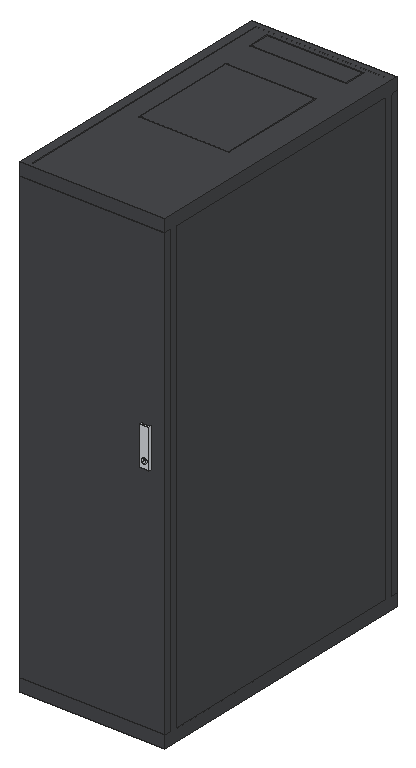
Revit family "Cabinet Linkeo DC width 600", category Equipement spécialisé, Revit 2020
Family settings
  Cote de connecteur circulaire = Utiliser le diamètre
  Type d'élément = Normal
  Basée sur le plan de construction = Non
  Toujours verticalement = Oui
  Couper avec des vides une fois chargée = Non
  Partagée = Oui
  Point de calcul de pièce = Non
Parameters (values of type "Cabinet Linkeo2 42U 600x1200")
  Depth of the model (mm) = 1200.00 mm
  Application class = "EC002499"
  Model height = 1965.00 mm
  RAL Number = "9005"
  Storage temperature = "-25°C à 70°C"
  E-catalogue link = "https://www.legrand.fr/reference/446801/pro"
  Avec porte frontale = yes
  Type of ventilation = "Passive"
  Number of height units = 42
  Number of doors = "1"
  Model = "With permanent frame"
  Usable height (mm) = 1881.00 mm
  Height = 2047.00 mm
  Type of profile rail = "Crank"
  Function = "Server cabinets Linkeo DC"
  Elévation par défaut = 0.00 mm
  Front door material = IDS_ACIER
  With earthing = yes
  Degree of protection IK = "IK02"
  Model width = 600.00 mm
  Depth = 1200.00 mm
  Operating temperature = "-25°C à 70°C"
  Degree of protection IP = "IP20"
  Legrand part number = "446801"
  Mounting level = "Front and rear"
  Max load capacity = "1500"
  Width (mm) = 600.00 mm
  BIM wording = "Cabinet Linkeo2 42U 600x1200 equipped"
  Locking of the front door = "Three points"
  Material = "Steel"
  Rack location = 93.00 mm
  Modular spacing = "19 inches"
  Usable width (mm) = 1090.00 mm
  Type of surface = "Powder coating"
  Color = IDS_NOIR
  With roof plate = yes
  Distance of the aperture 1 = 275.00 mm
Types (4, lengths in mm): name | Depth of the model (mm) | Model height | E-catalogue link | Number of height units | Height | Depth | Legrand part number | BIM wording | Usable width (mm)
  Cabinet Linkeo2 42U 600x1000 | 1000.00 | 1965.00 | "https://www.legrand.fr/reference/446800/pro" | 42 | 2047.00 | 1000.00 | "446800" | "Cabinet Linkeo2 42U 600x1000 equipped" | 890.00
  Cabinet Linkeo2 42U 600x1200 | 1200.00 | 1965.00 | "https://www.legrand.fr/reference/446801/pro" | 42 | 2047.00 | 1200.00 | "446801" | "Cabinet Linkeo2 42U 600x1200 equipped" | 1090.00
  Cabinet Linkeo2 47U 600x1000 | 1000.00 | 2190.00 | "https://www.legrand.fr/reference/446804/pro" | 47 | 2269.00 | 1000.00 | "446804" | "Cabinet Linkeo2 47U 600x1000 equipped" | 890.00
  Cabinet Linkeo2 47U 600x1200 | 1200.00 | 2190.00 | "https://www.legrand.fr/reference/446805/pro" | 47 | 2269.00 | 1200.00 | "446805" | "Cabinet Linkeo2 47U 600x1200 equipped" | 1090.00
Reference planes
  plane 1 "Centre (avant/arrière)": y = 106
  plane 2: z = 0
  plane 3: x = 0
  plane 4: x = 600
  plane 5: z = 1965
  plane 6: y = -1094
  plane 7: x = 55
  plane 8: x = 545
  plane 9: x = 300
  plane 10: z = 1915
  plane 11: z = 50
  plane 12: z = 982.5
  plane 13: y = -1092
  plane 14: x = 300
  plane 15: y = -444.5
  plane 16: y = 455.094
  plane 17: x = 1428.928
  plane 18: z = -485.313
  plane 19: x = 2466.566
  plane 20: z = 982.5
  plane 21: x = 300
  plane 22: x = 500
  plane 23: x = 100
  plane 24: x = 300
  plane 25: y = -1001
  plane 26: x = 525
  plane 27: y = -999.5
  plane 28: x = 556.5
  plane 29: x = 558
  plane 30: y = -960.5
  plane 31: y = -959
  plane 32: x = 534.5
  plane 33: x = 536
  plane 34: z = 80
  plane 35: z = 89.5
  plane 36: x = 528.5
  plane 37: x = 538
  plane 38: z = 111.75
  plane 39: z = 121.25
  plane 40: y = -742.5
  plane 41: y = -752
  plane 42: z = 105.38
  plane 43: z = 95.88
  plane 44: x = 77
  plane 45: x = 67.5
  plane 46: x = 66
  plane 47: z = 55
  plane 48: z = 1930
  plane 49: z = 982.5
  plane 50: y = -1094
  plane 51: y = 66
  plane 52: z = 35
  plane 53: y = -601
  plane 54 "Panneaux gauche": y = -997.5
  plane 55 "Panneaux droit": y = 62.5
  plane 56 "Panneaux haut": z = 1928
  plane 57: z = 1880
  plane 58: z = 1880
  plane 59: y = -467.5
  plane 60: x = 175
  plane 61: x = 425
  plane 62: y = 61
  plane 63: y = -29
  plane 64: x = 100
  plane 65: x = 500
  plane 66: y = -344.658
  plane 67: y = 102.842
  plane 68: y = -342.158
  plane 69: x = 102.5
  plane 70: y = 91.5
  plane 71: y = 7.5
  plane 72: x = 499.5
  plane 73: y = -619
  plane 74: y = -171.5
  plane 75: y = -616.5
  plane 76: x = 51
  plane 77: x = 141
  plane 78: y = -92
  plane 79: y = -496
  plane 80: y = -94.5
  plane 81: x = 53.5
  plane 82: x = 459
  plane 83: x = 549
  plane 84: x = 115
  plane 85: x = 485
  plane 86: x = 115
  plane 87: x = 485
  plane 88: y = -1001
  plane 89: z = 124.45
  plane 90: x = 42
  plane 91: y = -493.5
  plane 92: x = 102.5
  plane 93: x = 102.5
  plane 94: x = 561.5
  plane 95: z = 1897
  plane 96: y = -494
  plane 97: y = 84.5
  plane 98: y = -1072.5
  plane 99: x = 41
  plane 100: x = 559
  plane 101: x = 300
  plane 102: z = 1897
  plane 103: y = -694
  plane 104: z = 72
  plane 105: z = 1893
  plane 106: y = 82.5
  plane 107: y = -1070.5
  plane 108: x = 138.5
  plane 109: x = 546.5
  plane 110: x = 578.5
  plane 111: x = 21.5
  plane 112: z = 1923
  plane 113: z = 42
  plane 114: z = 982.5
  plane 115: y = -494
  plane 116: y = 51
  plane 117: y = -1039
  plane 118: y = -294
  plane 119: y = -494
  plane 120: y = -26.5
  plane 121: y = 58.5
  plane 122: x = 497.5
  plane 123: y = 13.5
  plane 124: y = 98.5
  plane 125: x = 497.5
  plane 126: x = 150
  plane 127: x = 450
  plane 128: x = 177.5
  plane 129: x = 422.5
  plane 130: y = -169
  plane 131: y = 105.342
  plane 132: x = 112.5
  plane 133: x = 487.5
  plane 134: x = 112.5
  plane 135: x = 487.5
  plane 136: x = 505
  plane 137: x = 541
  plane 138: z = 1175
  plane 139: z = 1015
  plane 140: x = 523
  plane 141: y = -870
  plane 142: y = -1070
  plane 143: y = 82
  plane 144: y = -1104
  plane 145: x = 95
  plane 146: x = 59
  plane 147: z = 1175
  plane 148: z = 1015
  plane 149: x = 77
  plane 150: z = 1854.5
  plane 151: z = 1854.5
  plane 152: z = 0
  plane 153: z = 27
Forms (mm)
  Extrusion 1, solid, material "IDS_NOIR" <- "Color"
    sketch origin (0, 0, 0) x (0, 1, 0) y (0, 0, 1)
      loop
        line (-1094, 0) -> (106, 0) -> (106, 1965) -> (-1094, 1965) -> (-1094, 0)
    from 0 to 600
  Extrusion 2, void
    sketch origin (-250, 82.5, 1200) x (1, 0, 0) y (0, 0, 1)
      loop
        line (285, 763) -> (285, -1198) -> (815, -1198) -> (815, 763) -> (285, 763)
    from 0 to 1153
  Extrusion 3, void
    sketch origin (0, 106, 0) x (1, 0, 0) y (0, 0, 1)
      loop
        line (55, 1915) -> (55, 50) -> (545, 50) -> (545, 1915) -> (55, 1915)
    from 0 to 1200
  Extrusion 4, solid
    sketch origin (597, -1094, 132.5) x (0, 0, 1) y (-1, 0, 0)
      loop
        line (1042.5, 92) -> (882.5, 92) -> (882.5, 56) -> (1042.5, 56) -> (1042.5, 92)
    from 0 to 10
  Extrusion 5, void
    sketch origin (597, -1106.5, 132.5) x (0, 0, -1) y (-1, 0, 0)
      loop
        line (-906.261, 78.459) -> (-908.194, 80.391) -> (-918.8, 69.785) -> (-916.867, 67.852) -> (-906.261, 78.459)
    from 0 to 2
  Extrusion 6, void
    sketch origin (0, -23, 0) x (1, 0, 0) y (0, 1, 0)
      loop
        line (112.5, -596) -> (487.5, -596) -> (487.5, -146) -> (112.5, -146) -> (112.5, -596)
    from 1965 to 1927.5
  Extrusion 7, void
    sketch origin (0, 106, 1965) x (1, 0, 0) y (0, -1, 0)
      loop
        line (100, 135) -> (100, 45) -> (500, 45) -> (500, 135) -> (100, 135)
    from 2 to 0
  Extrusion 8, solid, material "IDS_NOIR" <- "Color"
    sketch origin (0, 106, 1965) x (0, -1, 0) y (1, 0, 0)
      loop
        line (47.5, 102.5) -> (132.5, 102.5) -> (132.5, 497.5) -> (47.5, 497.5) -> (47.5, 102.5)
    from 0 to -2
  Extrusion 9, solid, material "IDS_NOIR" <- "Color", not visible
    sketch origin (0, 146, 850) x (0, -1, 0) y (1, 0, 0)
      loop
        line (47.5, 102.5) -> (132.5, 102.5) -> (132.5, 497.5) -> (47.5, 497.5) -> (47.5, 102.5)
    from 0 to -2
  Extrusion 10, solid, material "IDS_NOIR" <- "Color"
    sketch origin (0, 106, 1965) x (0, -1, 0) y (1, 0, 0)
      loop
        line (277.5, 115) -> (722.5, 115) -> (722.5, 485) -> (277.5, 485) -> (277.5, 115)
    from -2 to 0
  Extrusion 11, void
    sketch origin (0, 106, 0) x (1, 0, 0) y (0, 0, 1)
      loop
        line (549, 1893) -> (51, 1893) -> (51, 72) -> (549, 72) -> (549, 1893)
    from 2 to 0
  Extrusion 12, void
    sketch origin (0, 0, 0) x (0, 1, 0) y (0, 0, 1)
      loop
        line (51, 1915) -> (-1039, 1915) -> (-1039, 50) -> (51, 50) -> (51, 1915)
    from 0 to 21.5
  Extrusion 13, solid, material "IDS_NOIR" <- "Color"
    sketch origin (0, 0, 0) x (0, 1, 0) y (0, 0, 1)
      loop
        line (51, 1915) -> (-1039, 1915) -> (-1039, 50) -> (51, 50) -> (51, 1915)
    from 0 to 21.5
  Extrusion 14, solid, material "IDS_NOIR" <- "Color"
    sketch origin (600, 0, 0) x (0, 1, 0) y (0, 0, 1)
      loop
        line (-1039, 1915) -> (-1039, 50) -> (51, 50) -> (51, 1915) -> (-1039, 1915)
    from 0 to -21.5
  Extrusion 15, void
    sketch origin (600, 0, 0) x (0, -1, 0) y (0, 0, 1)
      loop
        line (1039, 1915) -> (-51, 1915) -> (-51, 50) -> (1039, 50) -> (1039, 1915)
    from 0 to 21.5
  Extrusion 16, void
    sketch origin (0, 0, 0) x (0, 1, 0) y (0, 0, 1)
      loop
        line (51, 1915) -> (-1039, 1915) -> (-1039, 50) -> (51, 50) -> (51, 1915)
    from 0 to 600
  Extrusion 17, void
    sketch origin (0, -1094, 0) x (1, 0, 0) y (0, -1, 0)
      loop
        line (175, -1155) -> (425, -1155) -> (425, -1065) -> (175, -1065) -> (175, -1155)
    from -2 to 0
  Extrusion 18, solid, material "IDS_NOIR" <- "Color"
    sketch origin (0, 106, 1965) x (0, -1, 0) y (1, 0, 0)
      loop
        line (132.5, 177.5) -> (132.5, 422.5) -> (47.5, 422.5) -> (47.5, 177.5) -> (132.5, 177.5)
    from -1965 to -1963
  Extrusion 19, solid
    sketch origin (597, -1104, 132.5) x (0, 0, 1) y (-1, 0, 0)
      loop
        circle (912.5, 74) r 10
    from 0 to 2.5
  Extrusion 20, void
    sketch origin (600, 0, 0) x (0, -1, 0) y (0, 0, 1)
      loop
        line (1094, 1915) -> (1070, 1915) -> (1070, 50) -> (1094, 50) -> (1094, 1915)
      loop
        line (-82, 1915) -> (-106, 1915) -> (-106, 50) -> (-82, 50) -> (-82, 1915)
    from 0 to 600
  Extrusion 21, solid, material "IDS_NOIR" <- "Color"
    sketch origin (600, 0, 0) x (0, 1, 0) y (0, 0, 1)
      loop
        line (-1094, 1915) -> (-1094, 50) -> (-1070, 50) -> (-1070, 1915) -> (-1094, 1915)
      loop
        line (82.5, 1915) -> (82.5, 50) -> (106, 50) -> (106, 1915) -> (82.5, 1915)
    from -600 to 0
  Extrusion 22, solid
    sketch origin (600, 106, 1915) x (0, 0, -1) y (-1, 0, 0)
      loop
        line (740, 505) -> (900, 505) -> (900, 541) -> (740, 541) -> (740, 505)
    from 0 to 10
  Extrusion 23, solid
    sketch origin (600, 116, 1915) x (0, 0, -1) y (-1, 0, 0)
      loop
        circle (870, 523) r 10
    from 0 to 2.5
  Extrusion 24, void
    sketch origin (-445.581, 118.5, 2139.497) x (0, 0, 1) y (-1, 0, 0)
      loop
        line (-1099.92, -526.801) -> (-1097.728, -528.994) -> (-1087.121, -518.387) -> (-1089.314, -516.194) -> (-1099.92, -526.801)
    from 0 to 2
Cuts and joins
  Extrusion 2, Extrusion 3, Extrusion 6, Extrusion 7, Extrusion 11, Extrusion 12, Extrusion 15, Extrusion 16, Extrusion 17, Extrusion 20 cuts Extrusion 1
  Extrusion 5 cuts Extrusion 4
  Extrusion 20 cuts Extrusion 14
  Extrusion 5 cuts Extrusion 19
  Extrusion 24 cuts Extrusion 23
Lines and regions (mm)
  model lines, not visible
    curve 1: line (488, 106, 982.5) -> (510, 106, 982.5)
    curve 2: line (604, -455.5, 1880) -> (604, -467.5, 1880)
Dimensions and locks
  "Model width": plane 4 to plane 3
  "Model height": plane 5 to level
  "Depth of the model (mm)": plane 6 to plane 1 "Centre (avant/arrière)"
  locked: plane 7 to plane 8 at 490
  equal spacing: plane 7, plane 9, plane 8
  equal spacing: plane 4, plane 9, plane 3
  equal spacing: plane 5, plane 12, level
  equal spacing: plane 10, plane 12, plane 11
  Extrusion 2 sketch curve to plane 3 = 35.00 mm
  Extrusion 2 sketch curve to plane 4 = 35.00 mm
  locked: Extrusion 2 sketch curve to level at 2
  locked: plane 5 to Extrusion 2 sketch curve at 2
  locked: plane 6 to plane 13 at 2
  cut or joined group 1 (Extrusion 1, Extrusion 2, Extrusion 3, Extrusion 6, Extrusion 7, Extrusion 11, Extrusion 12, Extrusion 15, Extrusion 16, Extrusion 17, Extrusion 20) to plane 1 "Centre (avant/arrière)" = 23.50 mm
  equal spacing: plane 3, plane 14, plane 4
  equal spacing: plane 23, plane 24, plane 22
  "Rack location": plane 25 to plane 6
  locked: plane 27 to plane 25 at 1.5
  locked: plane 28 to plane 29 at 1.5
  locked: plane 30 to plane 31 at 1.5
  locked: plane 32 to plane 33 at 1.5
  plane 29 to cut or joined group 1 = 7.00 mm
  locked: plane 26 to plane 28 at 31.5
  locked: plane 31 to plane 25 at 42
  locked: plane 32 to plane 29 at 23.5
  locked: plane 34 to level at 80
  locked: plane 35 to plane 34 at 9.5
  locked: plane 36 to plane 37 at 9.5
  locked: plane 26 to plane 36 at 3.5
  locked: plane 39 to plane 38 at 9.5
  locked: plane 38 to plane 34 at 31.75
  plane 41 to plane 40 = 9.50 mm
  locked: plane 42 to plane 43 at 9.5
  plane 43 to plane 35 = 6.38 mm
  locked: plane 45 to plane 46 at 1.5
  locked: plane 47 to plane 11 at 5
  plane 5 to plane 48 to plane 10 = 35.00 mm, 15.00 mm
  locked: plane 51 to plane 1 "Centre (avant/arrière)" at 40
  locked: plane 52 to level at 35
  locked: plane 48 to plane 5 at 35
  locked: plane 25 to plane 54 "Panneaux gauche" at 3.5
  locked: plane 55 "Panneaux droit" to plane 51 at 3.5
  locked: plane 56 "Panneaux haut" to plane 48 at 2
  plane 57 to plane 5 = 85.00 mm
  locked: plane 5 to plane 58 at 85
  plane 54 "Panneaux gauche" to plane 55 "Panneaux droit" = 1060.00 mm
  equal spacing: plane 54 "Panneaux gauche", plane 59, plane 55 "Panneaux droit"
  locked: plane 64 to plane 65 at 400
  locked: plane 78 to plane 79 at 404
  locked: plane 76 to plane 77 at 90
  locked: plane 78 to plane 80 at 2.5
  locked: plane 76 to plane 81 at 2.5
  locked: plane 3 to plane 76 at 51
  locked: plane 82 to plane 83 at 90
  plane 83 to plane 4 = 51.00 mm
  locked: plane 89 to plane 34 at 44.45
  equal spacing: plane 90, plane 24, plane 29
  locked: plane 90 to plane 29 at 516
  plane 1 "Centre (avant/arrière)" to plane 62 = 45.00 mm
  cut or joined group 1 to plane 63 = 90.00 mm
  plane 91 to plane 79 = 2.50 mm
  plane 5 to plane 95 = 68.00 mm
  equal spacing: plane 97, plane 96, plane 98
  equal spacing: plane 1 "Centre (avant/arrière)", plane 96, plane 6
  equal spacing: plane 99, plane 101, plane 100, locked at 259 each
  equal spacing: Extrusion 12 sketch curve, plane 96, Extrusion 12 sketch curve
  "Usable width (mm)": Extrusion 12 sketch curve to Extrusion 12 sketch curve
  locked: plane 104 to level at 72
  plane 5 to plane 105 = 72.00 mm
  locked: plane 1 "Centre (avant/arrière)" to plane 106 at 23.5
  locked: plane 50 to plane 107 at 23.5
  locked: plane 108 to plane 77 at 2.5
  locked: plane 109 to plane 83 at 2.5
  locked: plane 110 to plane 4 at 21.5
  locked: plane 3 to plane 111 at 21.5
  equal spacing: plane 112, plane 114, plane 113
  "Usable height (mm)": plane 112 to plane 113
  equal spacing: plane 116, plane 115, plane 117
  "Usable width (mm)": plane 116 to plane 117
  equal spacing: plane 1 "Centre (avant/arrière)", plane 118, plane 103
  equal spacing: plane 50, plane 119, plane 1 "Centre (avant/arrière)"
  locked: plane 11 to level at 50
  plane 5 to level = 1965.00 mm
  plane 6 to plane 1 "Centre (avant/arrière)" = 1200.00 mm
  equal spacing: plane 126, plane 24, plane 127
  locked: plane 126 to plane 127 at 300
  plane 132 to plane 133 = 375.00 mm
  "Distance of the aperture 1": cut or joined group 1 to plane 1 "Centre (avant/arrière)"
  locked: plane 137 to plane 136 at 36
  locked: plane 138 to plane 139 at 160
  cut or joined group 1 to plane 141 = 224.00 mm
  plane 6 to plane 142 = 24.00 mm
  plane 143 to plane 1 "Centre (avant/arrière)" = 24.00 mm
  locked: plane 144 to plane 6 at 10
  plane 138 to plane 139 = 160.00 mm
  equal spacing: cut or joined group of Extrusion 4, Extrusion 5, plane 140, cut or joined group of Extrusion 4, Extrusion 5
  Extrusion 19 sketch curve to cut or joined group of Extrusion 4, Extrusion 5 = 30.00 mm
  locked: plane 146 to plane 145 at 36
  locked: plane 147 to plane 148 at 160
  plane 147 to plane 148 = 160.00 mm
  Extrusion 22 to Extrusion 23 sketch curve = 30.00 mm
  locked: plane 5 to plane 150 at 110.5
  aligned and locked: level to plane 2
  aligned and locked: Extrusion 1 sketch curve to level
  aligned and locked: Extrusion 1 sketch curve to plane 6
  aligned and locked: plane 5 to Extrusion 1 sketch curve
  aligned and locked: Extrusion 1 sketch curve to plane 1 "Centre (avant/arrière)"
  aligned and locked: Extrusion 1 to plane 4
  aligned and locked: Extrusion 1 to plane 3
  aligned and locked: Extrusion 3 sketch curve to plane 10
  aligned and locked: Extrusion 3 sketch curve to plane 7
  aligned and locked: plane 11 to Extrusion 3 sketch curve
  aligned and locked: Extrusion 3 sketch curve to plane 8
  aligned and locked: Extrusion 1 to Extrusion 3  (x2)
  aligned and locked: plane 24 to plane 9
  aligned and locked: plane 20 to plane 12
  aligned and locked: plane 49 to plane 20
  aligned and locked: plane 6 to plane 50
  aligned and locked: Extrusion 7 sketch curve to plane 64
  aligned and locked: plane 65 to Extrusion 7 sketch curve
  aligned and locked: Extrusion 1 to Extrusion 7
  aligned and locked: Extrusion 10 to cut or joined group 1
  aligned and locked: plane 5 to Extrusion 10
  aligned and locked: plane 83 to Extrusion 11 sketch curve
  aligned and locked: plane 76 to Extrusion 11 sketch curve
  aligned and locked: Extrusion 11 to Extrusion 1
  aligned and locked: plane 88 to plane 25
  aligned and locked: Extrusion 7 sketch curve to plane 62
  aligned and locked: Extrusion 7 sketch curve to plane 63
  aligned and locked: Extrusion 8 to plane 92
  aligned and locked: Extrusion 9 to plane 93
  aligned and locked: Extrusion 1 to Extrusion 6
  aligned and locked: plane 101 to plane 14
  aligned and locked: plane 102 to plane 95
  aligned and locked: plane 105 to Extrusion 11 sketch curve
  aligned and locked: Extrusion 11 sketch curve to plane 104
  aligned and locked: cut or joined group 1 to Extrusion 13 sketch curve  (x2)
  aligned and locked: Extrusion 14 sketch curve to cut or joined group 1  (x4)
  aligned and locked: plane 106 to Extrusion 2
  aligned and locked: Extrusion 2 to plane 107
  aligned and locked: Extrusion 14 to plane 110
  aligned and locked: Extrusion 13 to plane 111
  aligned and locked: Extrusion 12 to Extrusion 13
  aligned and locked: Extrusion 15 sketch curve to Extrusion 14  (x2)
  aligned and locked: Extrusion 15 sketch curve to cut or joined group 1  (x2)
  aligned and locked: Extrusion 15 to Extrusion 14
  aligned and locked: plane 12 to plane 114
  aligned and locked: Extrusion 16 sketch curve to plane 11
  aligned and locked: Extrusion 16 sketch curve to plane 117
  aligned and locked: plane 116 to Extrusion 16 sketch curve
  aligned and locked: plane 10 to Extrusion 16 sketch curve
  aligned and locked: Extrusion 16 to plane 4
  aligned and locked: plane 96 to plane 115
  aligned and locked: Extrusion 7 to Extrusion 2
  aligned and locked: Extrusion 8 to plane 120
  aligned and locked: plane 121 to Extrusion 8
  aligned and locked: plane 69 to Extrusion 8
  aligned and locked: Extrusion 8 to plane 122
  aligned and locked: Extrusion 9 to plane 123
  aligned and locked: plane 124 to Extrusion 9
  aligned and locked: Extrusion 9 to plane 125
  aligned and locked: Extrusion 17 sketch curve to plane 62
  aligned and locked: plane 63 to Extrusion 17 sketch curve
  aligned and locked: Extrusion 17 to cut or joined group 1
  aligned and locked: Extrusion 17 to level
  aligned and locked: Extrusion 18 sketch curve to plane 120
  aligned and locked: Extrusion 18 sketch curve to plane 128
  aligned and locked: plane 121 to Extrusion 18 sketch curve
  aligned and locked: Extrusion 18 sketch curve to plane 129
  aligned and locked: Extrusion 18 to cut or joined group 1
  aligned and locked: Extrusion 18 to level
  aligned and locked: Extrusion 17 sketch curve to plane 60
  aligned and locked: Extrusion 17 sketch curve to plane 61
  aligned and locked: Extrusion 7 to Extrusion 8
  aligned and locked: Extrusion 6 sketch curve to plane 73
  aligned and locked: Extrusion 6 sketch curve to plane 132
  aligned and locked: Extrusion 6 sketch curve to plane 130
  aligned and locked: Extrusion 6 sketch curve to plane 133
  aligned and locked: Extrusion 10 sketch curve to plane 74
  aligned and locked: Extrusion 10 sketch curve to plane 84
  aligned and locked: plane 75 to Extrusion 10 sketch curve
  aligned and locked: Extrusion 10 sketch curve to plane 85
  aligned and locked: plane 10 to Extrusion 13 sketch curve
  aligned and locked: Extrusion 13 sketch curve to plane 11
  aligned and locked: Extrusion 12 sketch curve to plane 11
  aligned and locked: plane 10 to Extrusion 12 sketch curve
  aligned and locked: plane 136 to Extrusion 4 sketch curve
  aligned and locked: Extrusion 4 sketch curve to plane 137
  aligned and locked: Extrusion 19 to cut or joined group of Extrusion 4, Extrusion 5
  aligned and locked: Extrusion 19 to Extrusion 5
  aligned and locked: cut or joined group 1 to Extrusion 20 sketch curve
  aligned and locked: plane 10 to Extrusion 20 sketch curve  (x2)
  aligned and locked: plane 6 to Extrusion 20 sketch curve
  aligned and locked: plane 142 to Extrusion 20
  aligned and locked: plane 143 to Extrusion 20 sketch curve
  aligned and locked: Extrusion 20 sketch curve to plane 1 "Centre (avant/arrière)"
  aligned and locked: Extrusion 20 sketch curve to plane 11
  aligned and locked: Extrusion 21 sketch curve to plane 142
  aligned and locked: Extrusion 21 sketch curve to plane 6
  aligned and locked: plane 11 to Extrusion 21 sketch curve  (x2)
  aligned and locked: Extrusion 21 sketch curve to plane 10  (x2)
  aligned and locked: Extrusion 21 to plane 3
  aligned and locked: Extrusion 21 to plane 4
  aligned and locked: plane 1 "Centre (avant/arrière)" to Extrusion 21 sketch curve
  aligned and locked: plane 106 to Extrusion 21 sketch curve
  aligned and locked: Extrusion 4 to plane 6
  aligned and locked: cut or joined group of Extrusion 4, Extrusion 5 to plane 144
  aligned and locked: plane 139 to Extrusion 4 sketch curve
  aligned and locked: Extrusion 4 sketch curve to plane 138
  aligned and locked: plane 145 to Extrusion 22 sketch curve
  aligned and locked: Extrusion 22 sketch curve to plane 146
  aligned and locked: plane 148 to Extrusion 22 sketch curve
  aligned and locked: Extrusion 22 sketch curve to plane 147
  aligned and locked: plane 151 to plane 150
Automatic sketch dimensions
  curve 2 to curve 2 = 12.00 mm
  Extrusion 8 sketch curve to Extrusion 8 sketch curve = 85.00 mm
  Extrusion 8 sketch curve to Extrusion 8 sketch curve = 395.00 mm
  Extrusion 9 sketch curve to Extrusion 9 sketch curve = 85.00 mm
  Extrusion 9 sketch curve to Extrusion 9 sketch curve = 395.00 mm
  curve 1 to plane 12 = 0.00 mm
  curve 1 to plane 133 = 0.50 mm
  curve 1 to plane 22 = 10.00 mm
  curve 2 to plane 57 = 0.00 mm
  curve 2 to plane 59 = 0.00 mm
  plane 59 to curve 2 = 12.00 mm
  Extrusion 24 sketch curve to Extrusion 24 sketch curve = 2.193 mm  (x2)
  Extrusion 24 sketch curve to Extrusion 24 sketch curve = 10.607 mm
  Extrusion 5 sketch curve to Extrusion 5 sketch curve = 1.933 mm  (x2)
  Extrusion 5 sketch curve to Extrusion 5 sketch curve = 10.607 mm
  Extrusion 19 sketch curve to Extrusion 4 = 18.00 mm
  Extrusion 20 sketch curve to Extrusion 20 sketch curve = 24.00 mm
  Extrusion 23 sketch curve to Extrusion 22 = 18.00 mm
  radius of Extrusion 19 sketch curve = 10.00 mm
  radius of Extrusion 23 sketch curve = 10.00 mm
